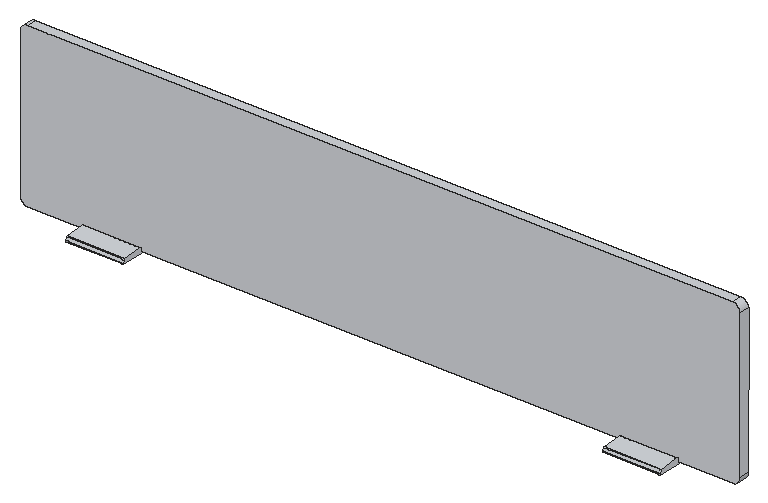
Revit family "Bernhardt_Design-Tables-Multipurpose-Intersection_divider", category Furniture, Revit 2021
Family settings
  OmniClass Number = 23.40.20.00
  OmniClass Title = General Furniture and Specialties
  Work Plane-Based = No
  Always vertical = Yes
  Cut with Voids When Loaded = No
  Shared = No
  Room Calculation Point = No
Parameters (values of type "Intersection - USG - divider for 72" table")
  URL = "http://www.bernhardtdesign.com"
  Screen Width = 63.000"
  Screen Metal [instance] = none
  Screen Half Width = Screen Width / 2  # 31.500"
  Screen Fabric [instance] = none
  SKU = "INS-USG"
  Model = "Intersection"  # constant formula
  Manufacturer = "Bernhardt Design"  # constant formula
  Default Elevation = 0.000"
  Copyright © = "Copyright © Bernhardt Design"  # constant formula
  Catalog = SKU  # "INS-USG"
  Authoring Version = "Autodesk Revit 2021"  # constant formula
Types (7): name | Screen Width | Screen Half Width | SKU | Catalog
  (no name) | 63.000" | 31.500" | "INS-USG" | "INS-USG"
  Intersection - USF - divider for 66" table | 57.000" | 28.500" | "INS-USF" | "INS-USF"
  Intersection - USB - divider for 42" table | 33.000" | 16.500" | "INS-USB" | "INS-USB"
  Intersection - USC - divider for 48" table | 39.000" | 19.500" | "INS-USC" | "INS-USC"
  Intersection - USD - divider for 54" table | 45.000" | 22.500" | "INS-USD" | "INS-USD"
  Intersection - USE - divider for 60" table | 51.000" | 25.500" | "INS-USE" | "INS-USE"
  Intersection - USG - divider for 72" table | 63.000" | 31.500" | "INS-USG" | "INS-USG"
Reference planes (in)
  plane 1 "Center Front/Back": y = 0
  plane 2: z = 0
  plane 3 "Center Left/Right": x = 0
  plane 4: z = 2.68901
  plane 5 "screen_right_plane": x = 31.5
  plane 6 "screen_left_plane": x = -31.5
  plane 7: x = 20.97422
  plane 8: x = 26.02578
  plane 9: x = -20.97422
  plane 10: x = -26.02578
Forms (in)
  Extrusion 1, solid, material <- "Screen Fabric"
    sketch origin (0, 0, 0) x (1, 0, 0) y (0, 0, 1)
      loop
        line (-31.5, 43.54377) -> (-31.5, 30.61809)
        arc (-31.5, 30.61809) -> (-31.3155, 30.17267) -> (-30.87008, 29.98817) r 0.62992
        line (-30.87008, 29.98817) -> (30.87008, 29.98817)
        arc (30.87008, 29.98817) -> (31.3155, 30.17267) -> (31.5, 30.61809) r 0.62992
        line (31.5, 30.61809) -> (31.5, 43.54377)
        arc (31.5, 43.54377) -> (31.3155, 43.9892) -> (30.87008, 44.17369) r 0.62992
        line (30.87008, 44.17369) -> (-30.87008, 44.17369)
        arc (-30.87008, 44.17369) -> (-31.3155, 43.9892) -> (-31.5, 43.54377) r 0.62992
    from -0.44511 to 0.4437
  Extrusion 2, solid, material <- "Screen Metal"
    sketch origin (17.97422, 0, 0) x (0, -1, 0) y (0, 0, -1)
      loop
        line (2.2692, -29.75125) -> (-2.2692, -29.75125)
        arc (-2.2692, -29.75125) -> (-2.3092, -29.77617) -> (-2.30095, -29.82258) r 0.04206
        line (-2.30095, -29.82258) -> (-2.20449, -30.06942)
        arc (-2.20449, -30.06942) -> (-2.17477, -30.09306) -> (-2.13816, -30.10322) r 0.09527
        line (-2.13816, -30.10322) -> (-0.49985, -30.27086)
        arc (-0.49985, -30.27086) -> (-0.46014, -30.25441) -> (-0.4437, -30.21471) r 0.05615
        line (-0.4437, -30.21471) -> (-0.4437, -29.98817) -> (0.4437, -29.98817) -> (0.4437, -30.21471)
        arc (0.4437, -30.21471) -> (0.46014, -30.25441) -> (0.49985, -30.27086) r 0.05615
        line (0.49985, -30.27086) -> (2.13816, -30.10322)
        arc (2.13816, -30.10322) -> (2.17477, -30.09306) -> (2.20449, -30.06942) r 0.09527
        line (2.20449, -30.06942) -> (2.30095, -29.82258)
        arc (2.30095, -29.82258) -> (2.3092, -29.77617) -> (2.2692, -29.75125) r 0.04206
    from 3 to 8.05155
  Extrusion 3, solid, material <- "Screen Metal"
    sketch origin (0, 0, 0) x (0, 1, 0) y (0, 0, -1)
      loop
        arc (-2.2692, -29.75125) -> (-2.3092, -29.77617) -> (-2.30095, -29.82258) r 0.04206
        line (-2.30095, -29.82258) -> (-2.20449, -30.06942)
        arc (-2.20449, -30.06942) -> (-2.17477, -30.09306) -> (-2.13816, -30.10322) r 0.09527
        line (-2.13816, -30.10322) -> (-0.49985, -30.27086)
        arc (-0.49985, -30.27086) -> (-0.46014, -30.25441) -> (-0.4437, -30.21471) r 0.05615
        line (-0.4437, -30.21471) -> (-0.4437, -29.98817) -> (0.4437, -29.98817) -> (0.4437, -30.21471)
        arc (0.4437, -30.21471) -> (0.46014, -30.25441) -> (0.49985, -30.27086) r 0.05615
        line (0.49985, -30.27086) -> (2.13816, -30.10322)
        arc (2.13816, -30.10322) -> (2.17477, -30.09306) -> (2.20449, -30.06942) r 0.09527
        line (2.20449, -30.06942) -> (2.30095, -29.82258)
        arc (2.30095, -29.82258) -> (2.3092, -29.77617) -> (2.2692, -29.75125) r 0.04206
        line (2.2692, -29.75125) -> (-2.2692, -29.75125)
    from 20.97422 to 26.02578
Dimensions and locks (in)
  "Screen Half Width": plane 6 "screen_left_plane" to plane 3 "Center Left/Right"
  "Screen Half Width": plane 3 "Center Left/Right" to plane 5 "screen_right_plane"
  locked: plane 7 to plane 8 at 5.05155
  locked: plane 8 to plane 5 "screen_right_plane" at 5.47422
  locked: plane 9 to plane 10 at 5.05155
  locked: plane 10 to plane 6 "screen_left_plane" at 5.47422
  aligned and locked: level to plane 2
  aligned and locked: Extrusion 1 to plane 5 "screen_right_plane"
  aligned and locked: Extrusion 1 to plane 6 "screen_left_plane"
  aligned and locked: plane 7 to Extrusion 2
  aligned and locked: Extrusion 2 to plane 8
  aligned and locked: plane 9 to Extrusion 3
  aligned and locked: Extrusion 3 to plane 10
Automatic sketch dimensions
  Extrusion 1 sketch curve to plane 6 "screen_left_plane" = 0.000"
  plane 5 "screen_right_plane" to Extrusion 1 sketch curve = 0.000"
  plane 6 "screen_left_plane" to Extrusion 1 sketch curve = 0.62992"  (x2)
  plane 5 "screen_right_plane" to Extrusion 1 sketch curve = 0.62992"  (x2)
  Extrusion 1 sketch curve to plane 4 = 27.29916"
  Extrusion 1 sketch curve to Extrusion 1 sketch curve = 12.92568"
  plane 1 "Center Front/Back" to Extrusion 3 sketch curve = 2.30095"
  Extrusion 3 sketch curve to Extrusion 3 sketch curve = 0.03017"  (x2)
  Extrusion 3 sketch curve to Extrusion 3 sketch curve = 0.00159"  (x2)
  Extrusion 3 sketch curve to Extrusion 3 sketch curve = 0.09646"
  Extrusion 3 sketch curve to Extrusion 3 sketch curve = 0.06633"  (x2)
  Extrusion 3 sketch curve to Extrusion 3 sketch curve = 0.07298"
  plane 1 "Center Front/Back" to Extrusion 3 sketch curve = 0.49985"
  Extrusion 3 sketch curve to Extrusion 3 sketch curve = 0.05615"  (x3)
  Extrusion 3 sketch curve to plane 1 "Center Front/Back" = 0.4437"
  Extrusion 3 sketch curve to Extrusion 3 sketch curve = 1.63167"
  Extrusion 3 sketch curve to Extrusion 3 sketch curve = 0.00665"
  Extrusion 3 sketch curve to Extrusion 3 sketch curve = 0.13768"
  Extrusion 3 sketch curve to plane 4 = 27.58185"
  Extrusion 3 sketch curve to Extrusion 3 sketch curve = 0.11149"  (x2)
  Extrusion 3 sketch curve to Extrusion 3 sketch curve = 0.0338"  (x2)
  Extrusion 3 sketch curve to Extrusion 3 sketch curve = 0.22653"
  Extrusion 3 sketch curve to Extrusion 3 sketch curve = 0.24684"  (x2)
  Extrusion 3 sketch curve to Extrusion 3 sketch curve = 0.0293"
  plane 1 "Center Front/Back" to Extrusion 2 sketch curve = 2.30095"
  Extrusion 2 sketch curve to Extrusion 2 sketch curve = 0.03017"  (x2)
  Extrusion 2 sketch curve to Extrusion 2 sketch curve = 0.00159"  (x2)
  Extrusion 2 sketch curve to Extrusion 2 sketch curve = 0.09646"
  Extrusion 2 sketch curve to Extrusion 2 sketch curve = 0.06633"  (x2)
  Extrusion 2 sketch curve to Extrusion 2 sketch curve = 0.00665"  (x2)
  plane 1 "Center Front/Back" to Extrusion 2 sketch curve = 0.49985"
  Extrusion 2 sketch curve to Extrusion 2 sketch curve = 0.05615"  (x2)
  Extrusion 2 sketch curve to plane 1 "Center Front/Back" = 0.4437"
  Extrusion 2 sketch curve to Extrusion 2 sketch curve = 1.63167"
  Extrusion 2 sketch curve to Extrusion 2 sketch curve = 0.13768"
  plane 4 to Extrusion 2 sketch curve = 27.06224"
  Extrusion 2 sketch curve to Extrusion 2 sketch curve = 0.04203"  (x2)
  Extrusion 2 sketch curve to Extrusion 2 sketch curve = 0.1949"
  Extrusion 2 sketch curve to Extrusion 2 sketch curve = 0.2149"  (x2)
  Extrusion 2 sketch curve to Extrusion 2 sketch curve = 0.06124"  (x2)
  Extrusion 2 sketch curve to Extrusion 2 sketch curve = 0.22653"  (x2)
